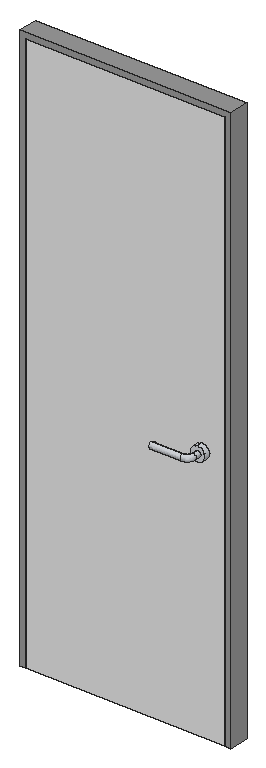
Revit family "- Sonata", category Doors, host Wall, Revit 2018
Family settings
  Host = Wall
  OmniClass Number = 23.30.10.00
  OmniClass Title = Doors
  Always vertical = Yes
  Cut with Voids When Loaded = No
  Shared = No
  Room Calculation Point = No
Parameters (values of type "- 70 x 200 cm")
  Set de Marcos = ""
  Relleno = ""
  Material Marco = - Perfil Aluminio
  Material Hoja = - HDF Prefinish
  Manilla = - Manilla
  Hojas = "Simple de Abatir"
  Function = Interior
  Frame Projection Ext. = 2.50 cm
  Frame Projection Int. = 2.50 cm
  Frame Width = 7.50 cm
  Height = 200.00 cm
  Wall Closure = By host
  Width = 74.00 cm
  Distancia a Cara Interior = 6.00 cm
  Bisagras = ""
  Ancho Hoja = Width - 4.00 cm  # 70.00 cm
  Ancho = Width  # 74.00 cm
  Analytic Construction = "<None>"
  Alto = Height  # 200.00 cm
Types (12, lengths in cm): name | Material Hoja | Height | Width | Ancho Hoja | Ancho | Alto
  - 70 x 200 cm | - HDF Prefinish | 200.00 | 74.00 | 70.00 | 74.00 | 200.00
  - 75 x 200 cm | none | 200.00 | 79.00 | 75.00 | 79.00 | 200.00
  - 80 x 200 cm | none | 200.00 | 84.00 | 80.00 | 84.00 | 200.00
  - 85 x 200 cm | none | 200.00 | 89.00 | 85.00 | 89.00 | 200.00
  - 90 x 200 cm | none | 200.00 | 94.00 | 90.00 | 94.00 | 200.00
  -100 x 200 cm | none | 200.00 | 104.00 | 100.00 | 104.00 | 200.00
  - 70 x 210 cm | none | 210.00 | 74.00 | 70.00 | 74.00 | 210.00
  - 75 x 210 cm | none | 210.00 | 79.00 | 75.00 | 79.00 | 210.00
  - 80 x 210 cm | none | 210.00 | 84.00 | 80.00 | 84.00 | 210.00
  - 85 x 210 cm | none | 210.00 | 89.00 | 85.00 | 89.00 | 210.00
  - 90 x 210 cm | - HDF Prefinish | 210.00 | 94.00 | 90.00 | 94.00 | 210.00
  - 100 x 210 cm | - HDF Siena | 210.00 | 104.00 | 100.00 | 104.00 | 210.00
Reference planes (cm)
  plane 1: y = 0
  plane 2 "Center (Left/Right)": x = 0
  plane 3 "Left": x = -37
  plane 4 "Right": x = 37
  plane 5: z = 200
  plane 6 "Exterior": y = 7.5
  plane 7 "Interior": y = -7.5
  plane 8: y = -1.5
  plane 9: z = 198
  plane 10: x = -35
  plane 11: x = 35
Forms (cm)
  Sweep 1, solid, material "- Perfil Aluminio" <- "Material Marco"
    path origin (0, 7.5, 0) x (1, 0, 0) y (0, 0, 1)
      loop
        line (37, 0) -> (37, 200) -> (-37, 200) -> (-37, 0)
    profile origin (37, 7.5, 100) x (-1, 0, 0) y (0, -1, 0)
      loop
        line (0, 2) -> (3, 2) -> (3, 4.3) -> (2, 4.3) -> (2, 9) -> (0, 9) -> (0, 2)
  Extrusion 2, solid, material "- HDF Prefinish" <- "Material Hoja"
    sketch origin (0, 0, 0) x (1, 0, 0) y (0, 1, 0)
      loop
        line (-35, -1.5) -> (35, -1.5) -> (35, 3) -> (-35, 3) -> (-35, -1.5)
    from 0 to 198
  Sweep 3, solid, material "- Manilla" <- "Manilla", not visible
    path origin (5.8483, -7.5601, 0) x (1, 0, 0) y (0, 1, 0)
      loop
        line (22.1517, 15.0613) -> (32.1517, 15.0613)
        arc (32.1517, 15.0613) -> (33.5659, 14.4756) -> (34.1517, 13.0613) r 2
        line (34.1517, 13.0613) -> (34.1517, 11.0613)
    profile origin (33, 7.5012, 0) x (0, 1, 0) y (0, 0, 1)
      loop
        circle (0, 90) r 1
  Extrusion 4, solid, material "- Manilla" <- "Manilla", not visible
    sketch origin (0, 7.5, 0) x (1, 0, 0) y (0, 0, 1)
      loop
        circle (40, 90) r 2.5
    from 3.9988 to 5
Lines and regions (cm)
  Opening 1
    outline origin (-305, -7.5, 0) x (1, 0, 0) y (0, 0, 1)
      loop
        line (268, 0) -> (342, 0) -> (342, 200) -> (268, 200) -> (268, 0)
  symbolic lines, style "Elevation Swing"
    curve 1: line (37, -7.5, 100) -> (-37, -7.5, 200)
    curve 2: line (37, -7.5, 100) -> (-37, -7.5, 0)
    curve 7: arc (-30.5, -71.5, 0) -> (16.4246, -49.6941, 0) -> (35.2596, -1.5001, 0) r 69.4706
  symbolic lines
    curve 3: line (-35, -1.5, 0) -> (-35, -71.5, 0)
    curve 4: line (-30.5, -1.5, 0) -> (-35, -1.5, 0)
    curve 5: line (-30.5, -71.5, 0) -> (-30.5, -1.5, 0)
    curve 6: line (-35, -71.5, 0) -> (-30.5, -71.5, 0)
  model lines, not visible
    curve 8: line (-20, 3, 25) -> (20, 3, 25)
    curve 9: line (-20, 3, 65) -> (-20, 3, 25)
    curve 10: line (20, 3, 65) -> (8.6603, 3, 65)
    curve 11: line (20, 3, 25) -> (20, 3, 65)
    curve 12: line (-20, 3, 75) -> (-8.6603, 3, 75)
    curve 13: line (-20, 3, 75) -> (-20, 3, 169.9666)
    curve 14: line (20, 3, 75) -> (20, 3, 169.9666)
    curve 15: arc (-8.6603, 3, 65) -> (0, 3, 60) -> (8.6603, 3, 65) r 10
    curve 16: line (8.6603, 3, 75) -> (20, 3, 75)
    curve 17: line (-8.6603, 3, 65) -> (-20, 3, 65)
    curve 18: arc (8.6603, 3, 75) -> (0, 3, 80) -> (-8.6603, 3, 75) r 10
    curve 19: arc (14.9666, 3, 175) -> (0, 3, 183) -> (-14.9666, 3, 175) r 18
    curve 20: arc (-20, 3, 169.9666) -> (-16.4409, 3, 171.4409) -> (-14.9666, 3, 175) r 5.0334
    curve 21: arc (14.9666, 3, 175) -> (16.4409, 3, 171.4409) -> (20, 3, 169.9666) r 5.0334
    curve 22: line (-9.2195, 3, 64) -> (-19, 3, 64)
    curve 23: line (-19, 3, 64) -> (-19, 3, 26)
    curve 24: arc (9.2195, 3, 64) -> (0, 3, 59) -> (-9.2195, 3, 64) r 11
    curve 25: line (19, 3, 64) -> (9.2195, 3, 64)
    curve 26: line (19, 3, 26) -> (19, 3, 64)
    curve 27: line (-19, 3, 26) -> (19, 3, 26)
    curve 28: line (-18.9928, 3, 168.9932) -> (-18.9928, 3, 76)
    curve 29: arc (-13.9941, 3, 174.9045) -> (-15.4113, 3, 171.0338) -> (-18.9928, 3, 168.9932) r 5.9946
    curve 30: arc (13.9971, 3, 174.7848) -> (0.0327, 3, 182.1538) -> (-13.9941, 3, 174.9045) r 17.0542
    curve 31: arc (19, 3, 169.1276) -> (15.4988, 3, 171.072) -> (13.9971, 3, 174.7848) r 6.0089
    curve 32: line (19, 3, 76) -> (19, 3, 169.1276)
    curve 33: line (9.2195, 3, 76) -> (19, 3, 76)
    curve 34: arc (-9.2195, 3, 76) -> (0, 3, 81) -> (9.2195, 3, 76) r 11
    curve 35: line (-18.9928, 3, 76) -> (-9.2195, 3, 76)
    curve 36: arc (12.052, 3, 174.0667) -> (0.0498, 3, 180.1537) -> (-12.0243, 3, 174.2107) r 15.0542
    curve 37: arc (-12.0243, 3, 174.2107) -> (-13.561, 3, 170.1508) -> (-16.9928, 3, 167.4925) r 7.9946
    curve 38: line (-16.9928, 3, 167.4925) -> (-16.9928, 3, 78)
    curve 39: line (17, 3, 78) -> (17, 3, 167.6269)
    curve 40: arc (17, 3, 167.6269) -> (13.6492, 3, 170.1731) -> (12.052, 3, 174.0667) r 8.0089
    curve 41: line (-16.9928, 3, 78) -> (-10.247, 3, 78)
    curve 42: arc (-10.247, 3, 78) -> (0, 3, 83) -> (10.247, 3, 78) r 13
    curve 43: line (10.247, 3, 78) -> (17, 3, 78)
    curve 44: line (-10.247, 3, 62) -> (-17, 3, 62)
    curve 45: arc (10.247, 3, 62) -> (0, 3, 57) -> (-10.247, 3, 62) r 13
    curve 46: line (17, 3, 62) -> (10.247, 3, 62)
    curve 47: line (17, 3, 28) -> (17, 3, 62)
    curve 48: line (-17, 3, 28) -> (17, 3, 28)
    curve 49: line (-17, 3, 62) -> (-17, 3, 28)
    curve 50: line (-314, -1.5, 25) -> (-274, -1.5, 25)
    curve 51: line (-314, -1.5, 65) -> (-314, -1.5, 25)
    curve 52: line (-274, -1.5, 25) -> (-274, -1.5, 65)
    curve 53: line (-314, -1.5, 70) -> (-274, -1.5, 70)
    curve 54: line (-314, -1.5, 70) -> (-314, -1.5, 87)
    curve 55: line (-274, -1.5, 70) -> (-274, -1.5, 87)
    curve 56: line (-274, -1.5, 65) -> (-314, -1.5, 65)
    curve 57: line (-275, -1.5, 64) -> (-313, -1.5, 64)
    curve 58: line (-313, -1.5, 64) -> (-313, -1.5, 26)
    curve 59: line (-275, -1.5, 26) -> (-275, -1.5, 64)
    curve 60: line (-313, -1.5, 26) -> (-275, -1.5, 26)
    curve 61: line (-312.9928, -1.5, 86) -> (-312.9928, -1.5, 71)
    curve 62: line (-275, -1.5, 71) -> (-275, -1.5, 86)
    curve 63: line (-312.9928, -1.5, 71) -> (-275, -1.5, 71)
    curve 64: line (-310.9928, -1.5, 84) -> (-310.9928, -1.5, 73)
    curve 65: line (-277, -1.5, 73) -> (-277, -1.5, 84)
    curve 66: line (-310.9928, -1.5, 73) -> (-277, -1.5, 73)
    curve 67: line (-277, -1.5, 62) -> (-311, -1.5, 62)
    curve 68: line (-277, -1.5, 28) -> (-277, -1.5, 62)
    curve 69: line (-311, -1.5, 28) -> (-277, -1.5, 28)
    curve 70: line (-311, -1.5, 62) -> (-311, -1.5, 28)
    curve 71: line (-310.9928, -1.5, 84) -> (-277, -1.5, 84)
    curve 72: line (-314, -1.5, 87) -> (-274, -1.5, 87)
    curve 73: line (-312.9928, -1.5, 86) -> (-275, -1.5, 86)
    curve 74: line (-310.9928, -1.5, 84) -> (-277, -1.5, 84)
    curve 75: line (-314, -1.5, 97) -> (-274, -1.5, 97)
    curve 76: line (-314, -1.5, 185) -> (-314, -1.5, 97)
    curve 77: line (-274, -1.5, 97) -> (-274, -1.5, 185)
    curve 78: line (-274, -1.5, 185) -> (-314, -1.5, 185)
    curve 79: line (-275, -1.5, 184) -> (-313, -1.5, 184)
    curve 80: line (-313, -1.5, 184) -> (-313, -1.5, 98)
    curve 81: line (-275, -1.5, 98) -> (-275, -1.5, 184)
    curve 82: line (-313, -1.5, 98) -> (-275, -1.5, 98)
    curve 83: line (-277, -1.5, 182) -> (-311, -1.5, 182)
    curve 84: line (-277, -1.5, 100) -> (-277, -1.5, 182)
    curve 85: line (-311, -1.5, 100) -> (-277, -1.5, 100)
    curve 86: line (-311, -1.5, 182) -> (-311, -1.5, 100)
    curve 87: line (-320, 3, 25) -> (-280, 3, 25)
    curve 88: line (-320, 3, 65) -> (-320, 3, 25)
    curve 89: line (-280, 3, 25) -> (-280, 3, 65)
    curve 90: line (-320, 3, 72.5) -> (-280, 3, 72.5)
    curve 91: line (-280, 3, 65) -> (-320, 3, 65)
    curve 92: line (-281, 3, 64) -> (-319, 3, 64)
    curve 93: line (-319, 3, 64) -> (-319, 3, 26)
    curve 94: line (-281, 3, 26) -> (-281, 3, 64)
    curve 95: line (-319, 3, 26) -> (-281, 3, 26)
    curve 96: line (-319, 3, 73.5) -> (-281, 3, 73.5)
    curve 97: line (-317, 3, 75.5) -> (-283, 3, 75.5)
    curve 98: line (-283, 3, 62) -> (-317, 3, 62)
    curve 99: line (-283, 3, 28) -> (-283, 3, 62)
    curve 100: line (-317, 3, 28) -> (-283, 3, 28)
    curve 101: line (-317, 3, 62) -> (-317, 3, 28)
    curve 102: line (-320, 3, 179.3431) -> (-320, 3, 72.5)
    curve 103: line (-280, 3, 72.5) -> (-280, 3, 179.3431)
    curve 104: line (-319, 3, 178.3431) -> (-319, 3, 73.5)
    curve 105: line (-281, 3, 73.5) -> (-281, 3, 178.3431)
    curve 106: line (-283, 3, 75.5) -> (-283, 3, 176.3431)
    curve 107: line (-317, 3, 176.3431) -> (-317, 3, 75.5)
    curve 108: arc (-292, 3, 181) -> (-300, 3, 185) -> (-308, 3, 181) r 10
    curve 109: arc (-292, 3, 181) -> (-290.1648, 3, 179.7737) -> (-288, 3, 179.3431) r 5.6569
    curve 110: arc (-308, 3, 181) -> (-309.8352, 3, 179.7737) -> (-312, 3, 179.3431) r 5.6569
    curve 111: line (-288, 3, 179.3431) -> (-280, 3, 179.3431)
    curve 112: line (-312, 3, 179.3431) -> (-320, 3, 179.3431)
    curve 113: line (-281, 3, 178.3431) -> (-288, 3, 178.3431)
    curve 114: arc (-288, 3, 178.3431) -> (-290.5825, 3, 178.8645) -> (-292.7604, 3, 180.3468) r 6.6569
    curve 115: arc (-292.7604, 3, 180.3468) -> (-300, 3, 184) -> (-307.2396, 3, 180.3468) r 9
    curve 116: arc (-307.2396, 3, 180.3468) -> (-309.4175, 3, 178.8645) -> (-312, 3, 178.3431) r 6.6569
    curve 117: line (-312, 3, 178.3431) -> (-319, 3, 178.3431)
    curve 118: line (-283, 3, 176.3431) -> (-288, 3, 176.3431)
    curve 119: arc (-288, 3, 176.3431) -> (-291.43, 3, 177.0516) -> (-294.2985, 3, 179.0611) r 8.6569
    curve 120: arc (-294.2985, 3, 179.0611) -> (-300, 3, 182) -> (-305.7015, 3, 179.0611) r 7
    curve 121: arc (-305.7015, 3, 179.0611) -> (-308.57, 3, 177.0516) -> (-312, 3, 176.3431) r 8.6569
    curve 122: line (-312, 3, 176.3431) -> (-317, 3, 176.3431)
    curve 123: line (-23, -1.5, 25) -> (-5, -1.5, 25)
    curve 124: line (-23, -1.5, 65) -> (-23, -1.5, 25)
    curve 125: line (-5, -1.5, 25) -> (-5, -1.5, 65)
    curve 126: line (-23, -1.5, 72.5) -> (-5, -1.5, 72.5)
    curve 127: line (-5, -1.5, 65) -> (-23, -1.5, 65)
    curve 128: line (-6, -1.5, 64) -> (-22, -1.5, 64)
    curve 129: line (-22, -1.5, 64) -> (-22, -1.5, 26)
    curve 130: line (-6, -1.5, 26) -> (-6, -1.5, 64)
    curve 131: line (-22, -1.5, 26) -> (-6, -1.5, 26)
    curve 132: line (-22, -1.5, 73.5) -> (-6, -1.5, 73.5)
    curve 133: line (-20, -1.5, 75.5) -> (-8, -1.5, 75.5)
    curve 134: line (-8, -1.5, 62) -> (-20, -1.5, 62)
    curve 135: line (-8, -1.5, 28) -> (-8, -1.5, 62)
    curve 136: line (-20, -1.5, 28) -> (-8, -1.5, 28)
    curve 137: line (-20, -1.5, 62) -> (-20, -1.5, 28)
    curve 138: line (-23, -1.5, 179.3431) -> (-23, -1.5, 72.5)
    curve 139: line (-22, -1.5, 178.3431) -> (-22, -1.5, 73.5)
    curve 140: line (-20, -1.5, 176.3431) -> (-20, -1.5, 75.5)
    curve 141: arc (-16, -1.5, 181) -> (-17.8352, -1.5, 179.7737) -> (-20, -1.5, 179.3431) r 5.6569
    curve 142: arc (-15.2396, -1.5, 180.3468) -> (-17.4175, -1.5, 178.8645) -> (-20, -1.5, 178.3431) r 6.6569
    curve 143: arc (-13.7015, -1.5, 179.0611) -> (-16.57, -1.5, 177.0516) -> (-20, -1.5, 176.3431) r 8.6569
    curve 144: arc (-8, -1.5, 185) -> (-12.4721, -1.5, 183.9443) -> (-16, -1.5, 181) r 10
    curve 145: arc (-8, -1.5, 184) -> (-12.0545, -1.5, 183.035) -> (-15.2396, -1.5, 180.3468) r 9
    curve 146: arc (-8, -1.5, 182) -> (-11.2072, -1.5, 181.2221) -> (-13.7015, -1.5, 179.0611) r 7
    curve 147: line (-23, -1.5, 179.3431) -> (-20, -1.5, 179.3431)
    curve 148: line (-20, -1.5, 178.3431) -> (-22, -1.5, 178.3431)
    curve 149: line (-5, -1.5, 185) -> (-5, -1.5, 72.5)
    curve 150: line (-6, -1.5, 184) -> (-6, -1.5, 73.5)
    curve 151: line (-8, -1.5, 182) -> (-8, -1.5, 75.5)
    curve 152: line (-8, -1.5, 185) -> (-5, -1.5, 185)
    curve 153: line (-6, -1.5, 184) -> (-8, -1.5, 184)
    curve 154: line (23, -1.5, 72.5) -> (5, -1.5, 72.5)
    curve 155: line (22, -1.5, 73.5) -> (6, -1.5, 73.5)
    curve 156: line (20, -1.5, 75.5) -> (8, -1.5, 75.5)
    curve 157: line (23, -1.5, 179.3431) -> (23, -1.5, 72.5)
    curve 158: line (22, -1.5, 178.3431) -> (22, -1.5, 73.5)
    curve 159: line (20, -1.5, 176.3431) -> (20, -1.5, 75.5)
    curve 160: arc (16, -1.5, 181) -> (17.8352, -1.5, 179.7737) -> (20, -1.5, 179.3431) r 5.6569
    curve 161: arc (15.2396, -1.5, 180.3468) -> (17.4175, -1.5, 178.8645) -> (20, -1.5, 178.3431) r 6.6569
    curve 162: arc (13.7015, -1.5, 179.0611) -> (16.57, -1.5, 177.0516) -> (20, -1.5, 176.3431) r 8.6569
    curve 163: arc (8, -1.5, 185) -> (12.4721, -1.5, 183.9443) -> (16, -1.5, 181) r 10
    curve 164: arc (8, -1.5, 184) -> (12.0545, -1.5, 183.035) -> (15.2396, -1.5, 180.3468) r 9
    curve 165: arc (8, -1.5, 182) -> (11.2072, -1.5, 181.2221) -> (13.7015, -1.5, 179.0611) r 7
    curve 166: line (23, -1.5, 179.3431) -> (20, -1.5, 179.3431)
    curve 167: line (20, -1.5, 178.3431) -> (22, -1.5, 178.3431)
    curve 168: line (5, -1.5, 185) -> (5, -1.5, 72.5)
    curve 169: line (6, -1.5, 184) -> (6, -1.5, 73.5)
    curve 170: line (8, -1.5, 182) -> (8, -1.5, 75.5)
    curve 171: line (8, -1.5, 185) -> (5, -1.5, 185)
    curve 172: line (6, -1.5, 184) -> (8, -1.5, 184)
    curve 173: line (5, -1.5, 25) -> (23, -1.5, 25)
    curve 174: line (5, -1.5, 65) -> (5, -1.5, 25)
    curve 175: line (23, -1.5, 25) -> (23, -1.5, 65)
    curve 176: line (23, -1.5, 65) -> (5, -1.5, 65)
    curve 177: line (22, -1.5, 64) -> (6, -1.5, 64)
    curve 178: line (6, -1.5, 64) -> (6, -1.5, 26)
    curve 179: line (22, -1.5, 26) -> (22, -1.5, 64)
    curve 180: line (6, -1.5, 26) -> (22, -1.5, 26)
    curve 181: line (20, -1.5, 62) -> (8, -1.5, 62)
    curve 182: line (20, -1.5, 28) -> (20, -1.5, 62)
    curve 183: line (8, -1.5, 28) -> (20, -1.5, 28)
    curve 184: line (8, -1.5, 62) -> (8, -1.5, 28)
    curve 196: line (327, 3, 65) -> (327, 3, 25)
    curve 197: line (327, 3, 178.1631) -> (327, 3, 72.5)
    curve 198: arc (332.3033, 3, 178.6533) -> (331.1775, 3, 178.287) -> (330, 3, 178.1631) r 5.6569
    curve 199: line (327, 3, 178.1631) -> (330, 3, 178.1631)
    curve 200: line (373, 3, 72.5) -> (327, 3, 72.5)
    curve 201: line (373, 3, 178.1631) -> (373, 3, 72.5)
    curve 202: arc (367.6967, 3, 178.6533) -> (368.8225, 3, 178.287) -> (370, 3, 178.1631) r 5.6569
    curve 203: line (373, 3, 178.1631) -> (370, 3, 178.1631)
    curve 204: line (327, 3, 25) -> (373, 3, 25)
    curve 205: line (373, 3, 25) -> (373, 3, 65)
    curve 206: line (373, 3, 65) -> (327, 3, 65)
    curve 208: arc (332.3033, 3, 178.6533) -> (350, 3, 185.002) -> (367.6967, 3, 178.6533) r 27.8388
    curve 221: line (285, -1.5, 65) -> (285, -1.5, 25)
    curve 222: line (285, -1.5, 178.1631) -> (285, -1.5, 72.5)
    curve 223: arc (290.3033, -1.5, 178.6533) -> (289.1775, -1.5, 178.287) -> (288, -1.5, 178.1631) r 5.6569
    curve 224: line (285, -1.5, 178.1631) -> (288, -1.5, 178.1631)
    curve 225: line (331, -1.5, 72.5) -> (285, -1.5, 72.5)
    curve 226: line (331, -1.5, 178.1631) -> (331, -1.5, 72.5)
    curve 227: arc (325.6967, -1.5, 178.6533) -> (326.8225, -1.5, 178.287) -> (328, -1.5, 178.1631) r 5.6569
    curve 228: line (331, -1.5, 178.1631) -> (328, -1.5, 178.1631)
    curve 229: line (285, -1.5, 25) -> (331, -1.5, 25)
    curve 230: line (331, -1.5, 25) -> (331, -1.5, 65)
    curve 231: line (331, -1.5, 65) -> (285, -1.5, 65)
    curve 232: arc (290.3033, -1.5, 178.6533) -> (308, -1.5, 185.002) -> (325.6967, -1.5, 178.6533) r 27.8388
  model lines
    curve 185: line (-23, 3, 65) -> (-23, 3, 25)
    curve 186: line (-23, 3, 178.1631) -> (-23, 3, 72.5)
    curve 187: arc (-17.6967, 3, 178.6533) -> (-18.8225, 3, 178.287) -> (-20, 3, 178.1631) r 5.6569
    curve 188: line (-23, 3, 178.1631) -> (-20, 3, 178.1631)
    curve 189: line (23, 3, 72.5) -> (-23, 3, 72.5)
    curve 190: line (23, 3, 178.1631) -> (23, 3, 72.5)
    curve 191: arc (17.6967, 3, 178.6533) -> (18.8225, 3, 178.287) -> (20, 3, 178.1631) r 5.6569
    curve 192: line (23, 3, 178.1631) -> (20, 3, 178.1631)
    curve 193: line (-23, 3, 25) -> (23, 3, 25)
    curve 194: line (23, 3, 25) -> (23, 3, 65)
    curve 195: line (23, 3, 65) -> (-23, 3, 65)
    curve 207: arc (-17.6967, 3, 178.6533) -> (0, 3, 185.002) -> (17.6967, 3, 178.6533) r 27.8388
    curve 209: line (-23, -1.5, 65) -> (-23, -1.5, 25)
    curve 210: line (-23, -1.5, 178.1631) -> (-23, -1.5, 72.5)
    curve 211: arc (-17.6967, -1.5, 178.6533) -> (-18.8225, -1.5, 178.287) -> (-20, -1.5, 178.1631) r 5.6569
    curve 212: line (-23, -1.5, 178.1631) -> (-20, -1.5, 178.1631)
    curve 213: line (23, -1.5, 72.5) -> (-23, -1.5, 72.5)
    curve 214: line (23, -1.5, 178.1631) -> (23, -1.5, 72.5)
    curve 215: arc (17.6967, -1.5, 178.6533) -> (18.8225, -1.5, 178.287) -> (20, -1.5, 178.1631) r 5.6569
    curve 216: line (23, -1.5, 178.1631) -> (20, -1.5, 178.1631)
    curve 217: line (-23, -1.5, 25) -> (23, -1.5, 25)
    curve 218: line (23, -1.5, 25) -> (23, -1.5, 65)
    curve 219: line (23, -1.5, 65) -> (-23, -1.5, 65)
    curve 220: arc (-17.6967, -1.5, 178.6533) -> (0, -1.5, 185.002) -> (17.6967, -1.5, 178.6533) r 27.8388
Text (cm)
  text "Exterior" at (-229.5016, 109.9543, 0), in view "Ref. Level"
  text "Exterior" at (0, 161.538, 369.8081), in view "Left"
  text "Exterior" at (0, 103.6032, 387.4932), in view "Right"
Dimensions and locks (cm)
  equal spacing: plane 3 "Left", plane 2 "Center (Left/Right)", plane 4 "Right"
  "Width": plane 3 "Left" to plane 4 "Right"
  "Height": plane 5 to host wall
  equal spacing: host wall, curve 2, plane 5
  host wall to plane 5 = 200.00 cm
  locked: plane 6 "Exterior" to host wall at 0
  locked: plane 7 "Interior" to host wall
  "Distancia a Cara Interior": plane 7 "Interior" to plane 8
  locked: Sweep 1 sketch curve to Sweep 1 sketch curve at 7
  locked: plane 9 to plane 5 at 2
  locked: curve 3 to curve 5 at 4.5
  locked: plane 3 "Left" to plane 10 at 2
  locked: plane 11 to plane 4 "Right" at 2
  "Ancho Hoja": curve 6 to curve 4
  locked: Extrusion 2 sketch curve to Extrusion 2 sketch curve at 4.5
  locked: nested 1 to plane 4 "Right" at 10
  level to nested 1 = 90.00 cm
  locked: nested 2 to plane 4 "Right" at 10
  locked: nested 2 to level at 90
  locked: Sweep 1 sketch curve to Sweep 1 sketch curve at 2.3
  locked: plane 2 "Center (Left/Right)" to curve 185 at 23
  locked: Extrusion 2 to curve 207 at 185.002
  locked: curve 214 to plane 2 "Center (Left/Right)" at 23
  locked: curve 220 to Extrusion 2 at 185.002
  aligned and locked: plane 3 "Left" to Opening 1 sketch curve
  aligned and locked: plane 5 to Opening 1 sketch curve  (x2)
  aligned and locked: Opening 1 sketch curve to plane 4 "Right"
  aligned and locked: Opening 1 sketch curve to level
  aligned and locked: plane 5 to curve 1
  aligned and locked: plane 3 "Left" to curve 2
  aligned and locked: plane 1 to host wall
  aligned and locked: plane 3 "Left" to curve 1
  aligned and locked: plane 8 to Sweep 1 sketch curve
  aligned and locked: Extrusion 2 sketch curve to plane 8
  aligned and locked: Sweep 1 to level
  aligned and locked: plane 10 to curve 3
  aligned and locked: Sweep 3 to Extrusion 4
  aligned and locked: Extrusion 2 to plane 9
Automatic sketch dimensions
  plane 4 "Right" to curve 2 = 0.00 cm
  curve 2 to level = 0.00 cm
  plane 3 "Left" to Sweep 1 sketch curve = 0.00 cm
  plane 4 "Right" to Sweep 1 sketch curve = 0.00 cm
  Sweep 1 sketch curve to level = 0.00 cm  (x2)
  Sweep 1 sketch curve to plane 5 = 0.00 cm
  Sweep 1 sketch curve to profile plane = 0.00 cm
  Sweep 1 sketch curve to profile plane = 2.00 cm
  Sweep 1 sketch curve to Sweep 1 sketch curve = 1.00 cm
  curve 7 to plane 8 = 0.0001 cm
  curve 7 to plane 11 = 0.2596 cm
  curve 4 to plane 8 = 0.00 cm
  curve 7 to plane 10 = 0.7919 cm
  Sweep 3 sketch curve to Sweep 3 sketch curve = 10.00 cm
  Sweep 3 sketch curve to Sweep 3 sketch curve = 2.00 cm  (x2)
  Sweep 3 sketch curve to profile plane = 0.00 cm
  profile plane to Sweep 3 sketch curve = 90.00 cm
  Extrusion 2 sketch curve to plane 10 = 0.00 cm
  Extrusion 2 sketch curve to plane 11 = 0.00 cm
  curve 15 to curve 18 = 0.00 cm  (x4)
  curve 15 to curve 24 = 0.00 cm  (x4)
  curve 15 to curve 34 = 0.00 cm  (x4)
  curve 15 to curve 42 = 0.00 cm  (x4)
  curve 15 to curve 45 = 0.00 cm  (x4)
  curve 29 to curve 37 = 0.00 cm  (x4)
  curve 30 to curve 36 = 0.00 cm  (x4)
  curve 31 to curve 40 = 0.00 cm  (x4)
  curve 8 to curve 31 = 0.00 cm
  curve 21 to curve 31 = 0.00 cm
  curve 14 to curve 32 = 1.00 cm
  curve 10 to curve 26 = 1.00 cm
  curve 26 to curve 47 = 2.00 cm
  curve 32 to curve 39 = 2.00 cm
  curve 46 to curve 46 = 6.753 cm
  curve 39 to curve 43 = 6.753 cm
  curve 42 to curve 33 = 1.0274 cm
  curve 45 to curve 25 = 1.0274 cm
  curve 33 to curve 16 = 0.5593 cm
  curve 24 to curve 10 = 0.5593 cm
  curve 16 to curve 24 = 8.6603 cm
  curve 39 to curve 19 = 17.00 cm
  curve 19 to curve 36 = 0.0402 cm
  curve 15 to curve 12 = 8.6603 cm
  curve 15 to curve 17 = 8.6603 cm
  curve 15 to curve 22 = 0.5593 cm
  curve 12 to curve 35 = 0.5593 cm
  curve 22 to curve 44 = 1.0274 cm
  curve 34 to curve 41 = 1.0274 cm
  curve 41 to curve 38 = 6.7459 cm
  curve 47 to curve 48 = 34.00 cm
  curve 38 to curve 35 = 2.00 cm
  curve 44 to curve 22 = 2.00 cm
  curve 28 to curve 29 = 0.9959 cm
  curve 29 to curve 20 = 0.0113 cm
  curve 22 to curve 17 = 1.00 cm
  curve 8 to curve 26 = 1.00 cm
  curve 23 to curve 49 = 2.00 cm
  curve 48 to curve 49 = 34.00 cm
  curve 45 to curve 25 = 2.00 cm
  curve 25 to curve 10 = 1.00 cm
  curve 10 to curve 45 = 5.00 cm
  curve 10 to curve 16 = 10.00 cm
  curve 12 to curve 35 = 1.00 cm
  curve 34 to curve 41 = 2.00 cm
  curve 41 to curve 19 = 87.00 cm
  curve 19 to curve 30 = 0.0997 cm
  curve 36 to curve 38 = 2.3928 cm
  curve 19 to curve 39 = 2.6269 cm
  curve 37 to curve 28 = 1.5007 cm
  curve 39 to curve 32 = 1.5007 cm
  curve 28 to curve 13 = 0.9734 cm
  curve 31 to curve 14 = 0.839 cm
  curve 13 to curve 29 = 4.9378 cm
  curve 29 to curve 20 = 0.0955 cm
  curve 21 to curve 40 = 0.0527 cm
  curve 31 to curve 36 = 1.9451 cm
  curve 55 to curve 62 = 1.4142 cm
  curve 59 to curve 68 = 2.8284 cm
  curve 62 to curve 65 = 2.8284 cm
  curve 53 to curve 63 = 1.4142 cm
  curve 57 to curve 67 = 2.8284 cm
  curve 66 to curve 64 = 33.9928 cm
  curve 68 to curve 69 = 34.00 cm
  curve 64 to curve 63 = 2.8284 cm
  curve 67 to curve 57 = 2.8284 cm
  curve 57 to curve 56 = 1.4142 cm
  curve 50 to curve 59 = 1.4142 cm
  curve 58 to curve 70 = 2.8284 cm
  curve 69 to curve 70 = 34.00 cm  (x2)
  curve 53 to curve 63 = 1.4193 cm
  curve 65 to curve 62 = 2.8284 cm
  curve 61 to curve 54 = 1.4193 cm
  curve 18 to curve 24 = 0.00 cm  (x2)
  curve 18 to curve 34 = 0.00 cm  (x2)
  curve 18 to curve 42 = 0.00 cm  (x2)
  curve 18 to curve 45 = 0.00 cm  (x2)
  curve 24 to curve 34 = 0.00 cm  (x2)
  curve 24 to curve 42 = 0.00 cm  (x2)
  curve 24 to curve 45 = 0.00 cm  (x2)
  curve 34 to curve 42 = 0.00 cm  (x2)
  curve 34 to curve 45 = 0.00 cm  (x2)
  curve 42 to curve 45 = 0.00 cm  (x2)
  curve 72 to curve 51 = 0.00 cm
  curve 75 to curve 54 = 0.00 cm
  curve 76 to curve 79 = 1.00 cm
  curve 51 to curve 57 = 1.00 cm
  curve 53 to curve 63 = 1.0072 cm
  curve 79 to curve 86 = 2.00 cm
  curve 58 to curve 70 = 2.00 cm
  curve 61 to curve 66 = 2.00 cm
  curve 64 to curve 65 = 33.9928 cm
  curve 69 to curve 69 = 34.00 cm
  curve 85 to curve 65 = 0.00 cm
  curve 68 to curve 60 = 2.00 cm
  curve 65 to curve 63 = 2.00 cm
  curve 84 to curve 82 = 2.00 cm
  curve 62 to curve 55 = 1.00 cm
  curve 57 to curve 56 = 1.00 cm  (x2)
  curve 79 to curve 78 = 1.00 cm  (x2)
  curve 50 to curve 59 = 1.00 cm
  curve 59 to curve 68 = 2.00 cm
  curve 67 to curve 57 = 2.00 cm
  curve 52 to curve 53 = 5.00 cm
  curve 53 to curve 63 = 1.00 cm
  curve 62 to curve 66 = 2.00 cm
  curve 65 to curve 71 = 11.00 cm
  curve 65 to curve 62 = 2.00 cm
  curve 62 to curve 72 = 1.00 cm
  curve 55 to curve 75 = 10.00 cm
  curve 75 to curve 82 = 1.00 cm
  curve 81 to curve 84 = 2.00 cm
  curve 84 to curve 84 = 82.00 cm
  curve 83 to curve 79 = 2.00 cm
  curve 87 to curve 90 = 0.00 cm
  curve 103 to curve 105 = 1.00 cm
  curve 89 to curve 92 = 1.00 cm
  curve 105 to curve 106 = 2.00 cm
  curve 92 to curve 99 = 2.00 cm
  curve 98 to curve 98 = 34.00 cm
  curve 106 to curve 107 = 34.00 cm
  curve 97 to curve 96 = 2.00 cm
  curve 98 to curve 92 = 2.00 cm
  curve 96 to curve 102 = 1.00 cm
  curve 92 to curve 91 = 1.00 cm
  curve 87 to curve 94 = 1.00 cm
  curve 94 to curve 99 = 2.00 cm
  curve 100 to curve 101 = 34.00 cm
  curve 98 to curve 93 = 2.00 cm
  curve 92 to curve 89 = 1.00 cm
  curve 89 to curve 103 = 7.50 cm
  curve 90 to curve 105 = 1.00 cm
  curve 96 to curve 106 = 2.00 cm
  curve 97 to curve 107 = 100.8431 cm
  curve 106 to curve 107 = 0.00 cm
  curve 106 to curve 105 = 2.00 cm
  curve 105 to curve 103 = 1.00 cm
  curve 108 to curve 115 = 0.00 cm  (x4)
  curve 108 to curve 120 = 0.00 cm  (x4)
  curve 109 to curve 114 = 0.00 cm  (x3)
  curve 109 to curve 119 = 0.00 cm  (x4)
  curve 110 to curve 116 = 0.00 cm  (x3)
  curve 110 to curve 121 = 0.00 cm  (x3)
  curve 114 to curve 119 = 0.00 cm  (x3)
  curve 116 to curve 121 = 0.00 cm  (x4)
  curve 106 to curve 111 = 5.00 cm
  curve 118 to curve 115 = 12.00 cm
  curve 110 to curve 104 = 7.00 cm
  curve 115 to curve 106 = 1.3431 cm
  curve 122 to curve 117 = 2.00 cm
  curve 117 to curve 112 = 1.00 cm
  curve 110 to curve 121 = 5.6569 cm
  curve 111 to curve 109 = 5.6569 cm
  curve 109 to curve 109 = 4.00 cm
  curve 108 to curve 115 = 0.7604 cm
  curve 115 to curve 119 = 1.5381 cm
  curve 115 to curve 120 = 0.00 cm  (x2)
  curve 125 to curve 128 = 1.4142 cm
  curve 128 to curve 135 = 2.8284 cm
  curve 134 to curve 134 = 12.00 cm  (x2)
  curve 133 to curve 132 = 2.8284 cm
  curve 134 to curve 128 = 2.8284 cm
  curve 132 to curve 138 = 1.4142 cm
  curve 128 to curve 127 = 1.4142 cm
  curve 123 to curve 130 = 1.4142 cm
  curve 130 to curve 135 = 2.8284 cm
  curve 136 to curve 137 = 34.00 cm
  curve 134 to curve 129 = 2.8284 cm
  curve 128 to curve 125 = 1.4142 cm
  curve 133 to curve 140 = 100.8431 cm
  curve 140 to curve 139 = 2.8284 cm
  curve 139 to curve 138 = 1.4142 cm
  curve 141 to curve 142 = 0.00 cm  (x6)
  curve 141 to curve 143 = 0.00 cm  (x6)
  curve 141 to curve 142 = 1.0024 cm
  curve 145 to curve 143 = 2.0047 cm
  curve 142 to curve 143 = 0.00 cm  (x4)
  curve 144 to curve 145 = 0.00 cm  (x2)
  curve 144 to curve 146 = 0.00 cm  (x2)
  curve 145 to curve 146 = 0.00 cm  (x2)
  curve 160 to curve 161 = 0.00 cm  (x2)
  curve 160 to curve 162 = 0.00 cm  (x2)
  curve 161 to curve 162 = 0.00 cm  (x2)
  curve 163 to curve 164 = 0.00 cm  (x2)
  curve 163 to curve 165 = 0.00 cm  (x2)
  curve 164 to curve 165 = 0.00 cm  (x2)
  curve 138 to curve 124 = 0.00 cm
  curve 138 to curve 148 = 1.00 cm
  curve 124 to curve 128 = 1.00 cm
  curve 139 to curve 147 = 2.00 cm
  curve 128 to curve 134 = 2.00 cm
  curve 133 to curve 133 = 12.00 cm
  curve 133 to curve 132 = 2.00 cm
  curve 135 to curve 131 = 2.00 cm
  curve 150 to curve 149 = 1.00 cm
  curve 128 to curve 125 = 1.00 cm
  curve 126 to curve 168 = 10.00 cm
  curve 123 to curve 173 = 10.00 cm
  curve 173 to curve 178 = 1.00 cm
  curve 168 to curve 169 = 1.00 cm
  curve 169 to curve 172 = 2.00 cm
  curve 177 to curve 184 = 2.00 cm
  curve 183 to curve 183 = 12.00 cm
  curve 163 to curve 159 = 12.00 cm
  curve 167 to curve 167 = 2.00 cm
  curve 182 to curve 179 = 2.00 cm
  curve 158 to curve 157 = 1.00 cm  (x2)
  curve 177 to curve 176 = 1.00 cm
  curve 173 to curve 123 = 0.00 cm
  curve 173 to curve 180 = 1.00 cm
  curve 123 to curve 131 = 1.00 cm
  curve 179 to curve 182 = 2.00 cm
  curve 129 to curve 137 = 2.00 cm
  curve 136 to curve 134 = 34.00 cm
  curve 184 to curve 134 = 0.00 cm
  curve 181 to curve 177 = 2.00 cm
  curve 134 to curve 129 = 2.00 cm
  curve 128 to curve 127 = 1.00 cm
  curve 177 to curve 174 = 1.00 cm
  curve 125 to curve 126 = 7.50 cm
  curve 174 to curve 168 = 7.50 cm
  curve 154 to curve 158 = 1.00 cm
  curve 126 to curve 132 = 1.00 cm
  curve 155 to curve 156 = 2.00 cm
  curve 132 to curve 133 = 2.00 cm
  curve 156 to curve 163 = 99.50 cm
  curve 144 to curve 163 = 0.00 cm
  curve 163 to curve 159 = 1.3431 cm
  curve 144 to curve 140 = 1.3431 cm
  curve 159 to curve 158 = 2.00 cm
  curve 140 to curve 139 = 2.00 cm
  curve 139 to curve 138 = 1.00 cm
  curve 144 to curve 151 = 7.00 cm
  curve 163 to curve 170 = 7.00 cm
  curve 170 to curve 172 = 2.00 cm
  curve 146 to curve 153 = 2.00 cm
  curve 169 to curve 168 = 1.00 cm
  curve 141 to curve 143 = 5.6569 cm
  curve 160 to curve 162 = 5.6569 cm
  curve 150 to curve 152 = 1.00 cm
  curve 186 to curve 185 = 7.50 cm
  curve 197 to curve 196 = 7.50 cm
  curve 194 to curve 189 = 0.00 cm
  curve 205 to curve 200 = 0.00 cm
  curve 185 to curve 186 = 7.50 cm
  curve 196 to curve 197 = 7.50 cm
  curve 210 to curve 209 = 7.50 cm
  curve 218 to curve 213 = 47.50 cm
  curve 209 to curve 210 = 7.50 cm
  curve 222 to curve 221 = 7.50 cm
  curve 230 to curve 225 = 47.50 cm
  curve 221 to curve 222 = 7.50 cm
  curve 212 to curve 209 = 0.00 cm
  curve 218 to curve 213 = 7.50 cm
  curve 215 to curve 215 = 5.6569 cm
  curve 211 to curve 220 = 2.3033 cm
  curve 224 to curve 221 = 0.00 cm
  curve 230 to curve 225 = 7.50 cm
  curve 227 to curve 227 = 5.6569 cm
  curve 223 to curve 232 = 2.3033 cm
  curve 190 to curve 192 = 3.00 cm
  curve 188 to curve 186 = 3.00 cm
  curve 192 to curve 207 = 20.00 cm
  curve 207 to curve 188 = 20.00 cm
  curve 189 to curve 207 = 84.6631 cm
  curve 207 to curve 188 = 21.00 cm
  curve 207 to curve 192 = 21.00 cm
  curve 187 to curve 187 = 5.6569 cm
  curve 191 to curve 191 = 5.6569 cm
  curve 191 to curve 207 = 2.3033 cm
  curve 193 to curve 185 = 46.00 cm
  curve 193 to curve 194 = 40.00 cm
  curve 201 to curve 203 = 3.00 cm
  curve 199 to curve 197 = 3.00 cm
  curve 203 to curve 208 = 20.00 cm
  curve 208 to curve 199 = 20.00 cm
  curve 200 to curve 208 = 84.6631 cm
  curve 208 to curve 199 = 21.00 cm
  curve 208 to curve 203 = 21.00 cm
  curve 198 to curve 198 = 5.6569 cm
  curve 202 to curve 202 = 5.6569 cm
  curve 202 to curve 208 = 2.3033 cm
  curve 204 to curve 196 = 46.00 cm
  curve 204 to curve 205 = 40.00 cm
  curve 216 to curve 216 = 3.00 cm
  curve 210 to curve 211 = 3.00 cm
  curve 211 to curve 220 = 17.6967 cm
  curve 220 to curve 216 = 20.00 cm
  curve 210 to curve 220 = 84.6631 cm
  curve 220 to curve 212 = 21.00 cm
  curve 220 to curve 216 = 21.00 cm
  curve 211 to curve 211 = 5.6569 cm
  curve 209 to curve 217 = 46.00 cm
  curve 217 to curve 218 = 40.00 cm
  curve 228 to curve 228 = 3.00 cm
  curve 222 to curve 223 = 3.00 cm
  curve 223 to curve 232 = 17.6967 cm
  curve 232 to curve 228 = 20.00 cm
  curve 222 to curve 232 = 84.6631 cm
  curve 232 to curve 224 = 21.00 cm
  curve 232 to curve 228 = 21.00 cm
  curve 223 to curve 223 = 5.6569 cm
  curve 221 to curve 229 = 46.00 cm
  curve 229 to curve 230 = 40.00 cm
  radius of Sweep 3 sketch curve = 1.00 cm
  radius of Extrusion 4 sketch curve = 2.50 cm
Nested families (cm)
  nested 1: "- Manilla Generica Puerta" at (27, 3, 90) x (0, 0, -1) z (0, 1, 0), type "- Manilla Generica Puerta"
  nested 2: "- Manilla Generica Puerta" at (27, -1.5, 90) x (0, 0, -1) z (0, -1, 0), type "- Manilla Generica Puerta"
Definition of nested family "- Manilla Generica Puerta"
  Parameters (values of type "- Manilla Generica Puerta")
    Manilla = none
    Default Elevation = 121.92 cm
  Reference planes (cm)
    plane 1 "Center (Front/Back)": y = 0
    plane 2: z = 0
    plane 3 "Center (Left/Right)": x = 0
    plane 4: z = 2
  Forms (cm)
    Extrusion 1, solid
      sketch origin (0, 0, 0) x (1, 0, 0) y (0, 1, 0)
        loop
          line (-121.92, 121.92) -> (-121.92, -121.92) -> (121.92, -121.92) -> (121.92, 121.92) -> (-121.92, 121.92)
      from 0 to -30.48
    Extrusion 2, solid, material <- "Manilla"
      sketch origin (0, 0, 0) x (1, 0, 0) y (0, 1, 0)
        loop
          circle (0, 0) r 2.5
      from 0 to 2
    Sweep 3, solid, material <- "Manilla"
      path origin (0, 0, 0) x (0, 1, 0) y (0, 0, 1)
        loop
          line (0, 2) -> (0, 4)
          arc (0, 4) -> (0.5858, 5.4142) -> (2, 6) r 2
          line (2, 6) -> (13, 6)
      profile origin (0, 0, 3) x (0, -1, 0) y (1, 0, 0)
        loop
          circle (0, 0) r 1
  Dimensions and locks (cm)
    locked: Extrusion 2 to Extrusion 2 at 2
    locked: plane 4 to level at 2
    aligned and locked: plane 2 to Extrusion 1
    aligned and locked: level to Extrusion 1
    aligned and locked: plane 4 to Sweep 3
